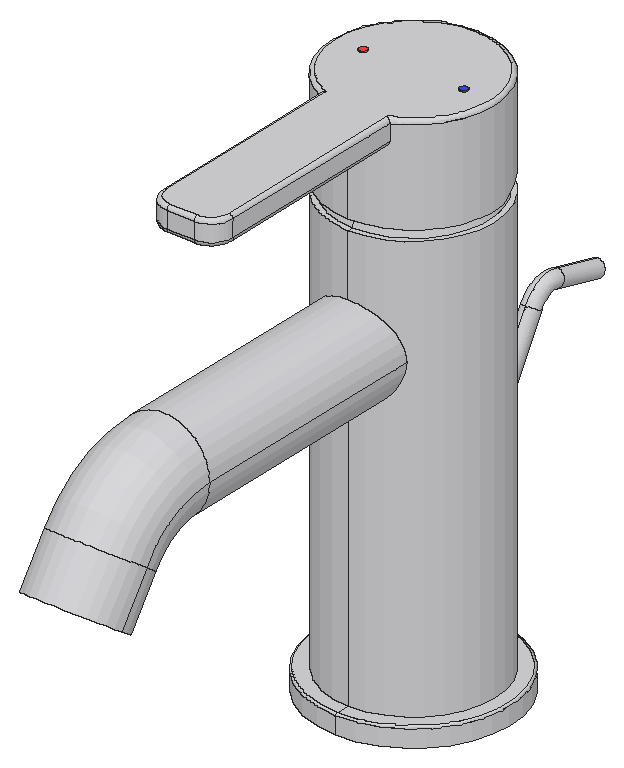
Revit family "Faucet-Lavatory-KOHLER-ATOM-K-30447T_1", category Plumbing Fixtures, host Face, Revit 2017
Family settings
  Host = Face
  Round Connector Dimension = Use Diameter
  Part Type = Normal
  OmniClass Number = 23.31.11.00
  OmniClass Title = Faucets
  Cut with Voids When Loaded = No
  Shared = No
  Room Calculation Point = No
Parameters (values of type "Mixing Faucet, CP-Polished Chrome")
  Width = 1 31/32"  # constant formula
  WaterSense Certified = 1 = 0  # no
  Waste Water Outlet = "Waste Water Outlet"  # constant formula
  Waste Connection = 1 = 0  # no
  Vent Connection = 1 = 0  # no
  URL = "https://www.kohlerasiapacific.com/"
  Type = 1
  Spout Reach = 4 75/256"  # constant formula
  Product Page URL = ""
  Product Name = "ATOM"  # constant formula
  Product Documentation Link = ""
  Pressure = 45.00 psi  # constant formula
  Model = if(Type = 1, "K-30447T-4-CP", if(Type = 2, "K-30447T-4CD-CP", "NA"))  # "K-30447T-4-CP"
  Material = "Premium Metal Construction"  # constant formula
  Master Format 2014 Name = "Residential Faucets, Supplies, and Trim"  # constant formula
  Master Format 2014 = "22 41 39"  # constant formula
  Manufacturer Address = "No. 158 Jiang Chang San Road, Zhabei District, Shanghai, China"  # constant formula
  Manufacturer = "KOHLER Co."  # constant formula
  Length = Spout Reach  # 4 75/256"
  Hot Water Inlet = "Hot Water Inlet"  # constant formula
  Hot Water Diameter = if(Type = 1, 1/2", 0")  # 1/2"
  Height = 5 161/256"  # constant formula
  Handle Clearance = 2 61/64"  # constant formula
  HW Connection = if(Type = 1, 1 = 1, 1 = 0)  # yes
  Flow Rate = 2.2 GPM  # constant formula
  Finish = Kohler-Metal-CP-Polished_Chrome
  Faucet Hole Spacing = 0"
  Environmental Product Declaration = ""
  Drain Included = if(Type = 1, 1 = 1, 1 = 0)  # yes
  Description = if(Type = 1, "Single Handle Lavatory Faucet Lever Handle, Pop Up", if(Type = 2, "Single Handle Lavatory Faucet Lever Handle, Cold Only", "NA"))  # "Single Handle Lavatory Faucet Lever Handle, Pop Up"
  Default Elevation = 36"
  Declare Label = ""
  Date Modified = "08/25/2021"  # constant formula
  Date Created = "08/25/2021"  # constant formula
  Copyright = "Copyright KOHLER Co."  # constant formula
  Contact Us = "https://www.kohlerasiapacific.com/contact-us"
  Cold Water Inlet = "Cold Water Inlet"  # constant formula
  CW Connection = 1 = 1  # yes
  Assembly Code = "D2010"
  ADA Compliant = 1 = 0  # no
  30447T_4CD = Type = 2  # no
  30447T_4 = Type = 1  # yes
Types (3): name | Type | Model | Hot Water Diameter | HW Connection | Drain Included | Description | 30447T_4CD | 30447T_4
  (no name) | 1 | "K-30447T-4-CP" | 1/2" | yes | yes | "Single Handle Lavatory Faucet Lever Handle, Pop Up" | no | yes
  Mixing Faucet, CP-Polished Chrome | 1 | "K-30447T-4-CP" | 1/2" | yes | yes | "Single Handle Lavatory Faucet Lever Handle, Pop Up" | no | yes
  Cold Only Faucet, CP-Polished Chrome | 2 | "K-30447T-4CD-CP" | 0" | no | no | "Single Handle Lavatory Faucet Lever Handle, Cold Only" | yes | no
Reference planes (in)
  plane 1 "Center (Front/Back)": y = 0
  plane 2: z = 0
  plane 3 "Center (Left/Right)": x = 0
  plane 4: x = -0.98425
  plane 5: x = 0.9845
  plane 6: y = 0.98425
  plane 7: y = -0.98425
  plane 8: x = -0.3937
  plane 9: x = 0.3937
  plane 10: y = -4.29297
  plane 11: y = -2.95313
  plane 12: z = 5.62891
  plane 13: z = 2.55906
  plane 14: y = 2.34457
Dimensions and locks (in)
  "Height": plane 12 to level
  level to plane 13 = 2.55906"
  "Length": plane 1 "Center (Front/Back)" to plane 10
  "Width": plane 4 to plane 5
  plane 7 to plane 6 = 1.9685"
  "Handle Clearance": plane 11 to plane 1 "Center (Front/Back)"
  aligned and locked: plane 2 to host face
  aligned and locked: level to host face
Automatic sketch dimensions
  host sketch curve to host sketch curve = 96"  (x2)
Nested families (in)
  nested 1: "K-30447T" at (0, 0, 0), type "K-30447T"
Connectors (in)
  piping at (0.3937, 0, 0), diameter 0.5, driven by "Flow Rate", driven by "Pressure", driven by "CW Connection", driven by "Cold Water Inlet"
    settings: on nested 1, index 1, connector inside diameter 24", connector length 0", flow factor 0, pipe flow 2.2 GPM, pressure drop 45.00 psi, fitting loss kfactor 0, connector angle 0.00°, fixture units 0, engagement length 0", angle of deflection 0.00°, flow configuration 1, flow direction 1, fitting loss method 4, system type 20, joint type 0, gender type 0, connector reference index -1, connector utility 1, adjustable connector no, is connector primary yes, connector description "Cold Water Inlet"
  piping at (-0.3937, 0, 0), diameter 0.5, driven by "Flow Rate", driven by "Pressure", driven by "HW Connection", driven by "Hot Water Inlet", driven by "Hot Water Diameter"
    settings: on nested 1, index 2, connector inside diameter 24", connector length 0", flow factor 0, pipe flow 2.2 GPM, pressure drop 45.00 psi, fitting loss kfactor 0, connector angle 0.00°, fixture units 0, engagement length 0", angle of deflection 0.00°, flow configuration 1, flow direction 1, fitting loss method 4, system type 19, joint type 0, gender type 0, connector reference index -1, connector utility 1, adjustable connector no, is connector primary no, connector description "Hot Water Inlet"
Definition of nested family "K-30447T"
  Parameters (values of type "K-30447T")
    Material = none
    Connector Dist = if([30447T_4], 0.3937", 0")  # 0.3937"
    30447T_4CD = yes
    30447T_4 = yes
  Reference planes (in)
    plane 1 "Center (Front/Back)": y = 0
    plane 2: z = 0
    plane 3 "Center (Left/Right)": x = 0
    plane 4: x = -0.98425
    plane 5: x = 0.98425
    plane 6: y = 0.98425
    plane 7: y = -0.98425
    plane 8: z = 5.62992
    plane 9: y = -4.29134
    plane 10: z = 2.55906
    plane 11: y = -2.95276
    plane 12: x = -0.3937
    plane 13: x = 0.3937
    plane 14: y = 2.34457
  Forms (in)
    Revolve 1, solid, material <- "Material", detail levels medium+fine
      sketch origin (0, 0, 0) x (0, 1, 0) y (0, 0, 1)
        loop
          line (0, 4.90945) -> (0, 0) -> (0.98425, 0) -> (0.98425, 0.17717)
          arc (0.98425, 0.17717) -> (0.97849, 0.19108) -> (0.96457, 0.19685) r 0.01969
          line (0.96457, 0.19685) -> (0.82677, 0.19685) -> (0.82677, 4.52756) -> (0.77128, 4.52756)
          arc (0.77128, 4.52756) -> (0.70532, 4.73211) -> (0.5839, 4.90945) r 0.74751
          line (0.5839, 4.90945) -> (0, 4.90945)
        axis (0, 4.90945) -> (0, 0)
      angle from 0 to 360
    Revolve 2, solid, material <- "Material", detail levels medium+fine
      sketch origin (0, 0, 0) x (0, 1, 0) y (0, 0, 1)
        loop
          line (0.7874, 5.62992) -> (0, 5.62992) -> (0, 4.63386) -> (0.82677, 4.63386) -> (0.82677, 5.59055)
          arc (0.82677, 5.59055) -> (0.81524, 5.61839) -> (0.7874, 5.62992) r 0.03937
        axis (0, 5.62992) -> (0, 4.63386)
      angle from 0 to 360
    Revolve 3, solid, material <- "Material", detail levels medium+fine
      sketch origin (0, 0, 0) x (0, 1, 0) y (0, 0, 1)
        loop
          line (0.79052, 5.25197) -> (0.87838, 5.25197)
          arc (0.87838, 5.25197) -> (0.87238, 5.32314) -> (0.85458, 5.39232) r 0.42582
          arc (0.85458, 5.39232) -> (0.84525, 5.40473) -> (0.83045, 5.40945) r 0.02556
          line (0.83045, 5.40945) -> (0.79052, 5.40945) -> (0.79052, 5.25197)
        axis (0.87838, 5.25197) -> (0.79052, 5.25197)
      angle from 0 to 360
    Extrusion 4, void
      sketch origin (0, 0, 0) x (0, 1, 0) y (0, 0, 1)
        loop
          line (0.02735, 4.60082) -> (0.88812, 4.60082) -> (0.88812, 4.91412) -> (0.02735, 4.60082)
      from -0.98425 to 0.98425
    Sweep 5, solid, material <- "Material", detail levels medium+fine
      path origin (0, 0, 0) x (1, 0, 0) y (0, 1, 0)
        loop
          line (-0.35433, -0.62858) -> (-0.35433, -2.73622)
          arc (-0.35433, -2.73622) -> (-0.29091, -2.88933) -> (-0.1378, -2.95276) r 0.21654
          line (-0.1378, -2.95276) -> (0.1378, -2.95276)
          arc (0.1378, -2.95276) -> (0.29091, -2.88933) -> (0.35433, -2.73622) r 0.21654
          line (0.35433, -2.73622) -> (0.35433, -0.62858)
      profile origin (0, -2.95276, 0) x (0, 1, 0) y (0, 0, 1)
        loop
          arc (0, 5.42126) -> (0.01153, 5.39342) -> (0.03937, 5.38189) r 0.03937
          line (0.03937, 5.38189) -> (0.07279, 5.38189) -> (0.07279, 5.62992) -> (0.03937, 5.62992)
          arc (0.03937, 5.62992) -> (0.01153, 5.61839) -> (0, 5.59055) r 0.03937
          line (0, 5.59055) -> (0, 5.42126)
    Extrusion 6, solid, material <- "Material", detail levels medium+fine
      sketch origin (0, 0, 0) x (1, 0, 0) y (0, 1, 0)
        loop
          arc (-0.28154, -2.73622) -> (-0.23944, -2.83786) -> (-0.1378, -2.87996) r 0.14374
          line (-0.1378, -2.87996) -> (0.1378, -2.87996)
          arc (0.1378, -2.87996) -> (0.23944, -2.83786) -> (0.28154, -2.73622) r 0.14374
          line (0.28154, -2.73622) -> (0.28154, -0.62858) -> (-0.28154, -0.62858) -> (-0.28154, -2.73622)
      from 5.38189 to 5.62992
    Sweep 7, solid, material <- "Material", detail levels medium+fine
      path origin (0, 0, 0) x (0, 1, 0) y (0, 0, 1)
        loop
          line (-4.29134, 2.55906) -> (-3.97874, 3.00549)
          arc (-3.97874, 3.00549) -> (-3.62697, 3.31399) -> (-3.17249, 3.4252) r 0.98425
          line (-3.17249, 3.4252) -> (-0.54293, 3.4252)
      profile origin (0, -1.85771, 3.4252) x (0, 0, -1) y (1, 0, 0)
        loop
          circle (0, 0) r 0.47244
    Revolve 8, void
      sketch origin (0, 0, 0) x (0, 1, 0) y (0, 0, 1)
        loop
          line (-4.3157, 2.52427) -> (-3.96356, 2.2777) -> (-3.83286, 2.46435) -> (-3.9226, 2.52718) -> (-4.01446, 2.42516) -> (-4.0517, 2.45124)
          arc (-4.0517, 2.45124) -> (-4.1766, 2.49384) -> (-4.29134, 2.55906) r 0.70275
          line (-4.29134, 2.55906) -> (-4.3157, 2.52427)
        axis (-4.185, 2.71092) -> (-4.3157, 2.52427)
      angle from 0 to 360
    Extrusion 9, void
      sketch origin (0, 0, 0) x (0, 1, 0) y (0, 0, 1)
        loop
          line (-4.26212, 2.50982) -> (-4.22042, 2.56937) -> (-4.3059, 2.62923) -> (-4.3476, 2.56968) -> (-4.26212, 2.50982)
      from -0.33273 to 0.33353
    Sweep 10, solid, material <- "Material", visible <- "30447T_4"
      path origin (0, 0, 0) x (0, 1, 0) y (0, 0, 1)
        loop
          line (2.32266, 2.80004) -> (1.80722, 2.93815)
          arc (1.80722, 2.93815) -> (1.63043, 2.92656) -> (1.49722, 2.80975) r 0.27559
          line (1.49722, 2.80975) -> (0.51228, 1.10377)
      profile origin (0, 2.06494, 2.8691) x (0, -0.258819, -0.965926) y (1, 0, 0)
        loop
          circle (0, 0) r 0.08465
    Extrusion 11, solid, visible <- "30447T_4"
      sketch origin (0, 0, 0) x (1, 0, 0) y (0, 1, 0)
        loop
          circle (-0.51181, 0) r 0.03937
      from 5.61811 to 5.63386
    Extrusion 12, solid, visible <- "30447T_4"
      sketch origin (0, 0, 0) x (-1, 0, 0) y (0, -1, 0)
        loop
          circle (-0.51181, 0) r 0.03937
      from 5.61811 to 5.63386
    Extrusion 13, solid, material <- "Material", visible <- "30447T_4", detail levels medium+fine
      sketch origin (0, 0, 0) x (1, 0, 0) y (0, 1, 0)
        loop
          circle (-0.3937, 0) r 0.25
      from 0 to 0.03937
    Extrusion 14, solid, material <- "Material"
      sketch origin (0, 0, 0) x (1, 0, 0) y (0, 1, 0)
        loop
          circle (0.3937, 0) r 0.25
      from 0 to 0.03937
    Revolve 15, solid, material <- "Material", detail levels coarse
      sketch origin (0, 0, 0) x (0, 1, 0) y (0, 0, 1)
        loop
          line (0.82677, 4.52756) -> (0.70976, 4.52756) -> (0.70976, 4.63386) -> (0.82973, 4.63386) -> (0.82973, 5.62992) -> (0, 5.62992) -> (0, 0) -> (0.98425, 0) -> (0.98425, 0.19685) -> (0.82677, 0.19685) -> (0.82677, 4.52756)
        axis (0, 5.62992) -> (0, 0)
      angle from 0 to 360
    Extrusion 16, solid, material <- "Material", detail levels coarse
      sketch origin (0, 0, 0) x (1, 0, 0) y (0, 1, 0)
        loop
          line (-0.35479, -0.54992) -> (-0.35479, -2.73622)
          arc (-0.35479, -2.73622) -> (-0.29137, -2.88933) -> (-0.13826, -2.95276) r 0.21654
          line (-0.13826, -2.95276) -> (0.13826, -2.95276)
          arc (0.13826, -2.95276) -> (0.29137, -2.88933) -> (0.35479, -2.73622) r 0.21654
          line (0.35479, -2.73622) -> (0.35479, -0.54992) -> (-0.35479, -0.54992)
      from 5.38189 to 5.62992
    Sweep 17, solid, material <- "Material", detail levels coarse
      path origin (0, 0, 0) x (0, 1, 0) y (0, 0, 1)
        loop
          line (-4.29134, 2.55906) -> (-3.97874, 3.00549)
          arc (-3.97874, 3.00549) -> (-3.62697, 3.31399) -> (-3.17249, 3.4252) r 0.98425
          line (-3.17249, 3.4252) -> (-0.54293, 3.4252)
      profile origin (0, -1.85771, 3.4252) x (0, 0, -1) y (1, 0, 0)
        loop
          circle (0, 0) r 0.47244
  Cuts and joins
    Extrusion 4 cuts Revolve 2
    Revolve 8, Extrusion 9 cuts Sweep 7
    joined: Revolve 1, Revolve 2, Revolve 3, Sweep 5, Extrusion 6, Sweep 7
    joined: Revolve 15, Extrusion 16, Sweep 17
  Lines and regions (in)
    Masking region 1
      outline origin (0, 0, 0) x (0, 1, 0) y (0, 0, 1)
        loop
          line (0.78923, 5.62991) -> (-2.91339, 5.62991)
          arc (-2.91339, 5.62991) -> (-2.94122, 5.61838) -> (-2.95275, 5.59055) r 0.03937
          line (-2.95275, 5.59055) -> (-2.95275, 5.42126)
          arc (-2.95275, 5.42126) -> (-2.94122, 5.39342) -> (-2.91338, 5.38189) r 0.03937
          line (-2.91338, 5.38189) -> (-0.82677, 5.38189) -> (-0.82677, 4.63386) -> (-0.74516, 4.63386)
          arc (-0.74516, 4.63386) -> (-0.76017, 4.58119) -> (-0.77128, 4.52756) r 0.74751
          line (-0.77128, 4.52756) -> (-0.82677, 4.52756) -> (-0.82677, 3.89764) -> (-3.17249, 3.89764)
          arc (-3.17249, 3.89764) -> (-3.84512, 3.73305) -> (-4.36574, 3.27647) r 1.45669
          line (-4.36574, 3.27647) -> (-4.67834, 2.83004) -> (-3.90434, 2.28807) -> (-3.59174, 2.73451)
          arc (-3.59174, 2.73451) -> (-3.40882, 2.89493) -> (-3.17249, 2.95276) r 0.51181
          line (-3.17249, 2.95276) -> (-0.82677, 2.95276) -> (-0.82677, 0.19685) -> (-0.96457, 0.19685)
          arc (-0.96457, 0.19685) -> (-0.97849, 0.19108) -> (-0.98425, 0.17717) r 0.01969
          line (-0.98425, 0.17717) -> (-0.98425, 0) -> (0.98425, 0) -> (0.98425, 0.17717)
          arc (0.98425, 0.17717) -> (0.97849, 0.19108) -> (0.96457, 0.19685) r 0.01969
          line (0.96457, 0.19685) -> (0.82677, 0.19685) -> (0.82677, 4.52756) -> (0.77128, 4.52756)
          arc (0.77128, 4.52756) -> (0.72688, 4.68395) -> (0.64973, 4.82705) r 0.74751
          line (0.64973, 4.82705) -> (0.82973, 4.89246) -> (0.82973, 5.09411)
          arc (0.82973, 5.09411) -> (0.84478, 5.09892) -> (0.85426, 5.11156) r 0.02597
          arc (0.85426, 5.11156) -> (0.8781, 5.25194) -> (0.85431, 5.39233) r 0.4257
          arc (0.85431, 5.39233) -> (0.8443, 5.40514) -> (0.82858, 5.40928) r 0.02542
          line (0.82858, 5.40928) -> (0.82858, 5.59056)
          arc (0.82858, 5.59056) -> (0.81705, 5.61839) -> (0.78923, 5.62991) r 0.03935
    Masking region 2, visible <- "30447T_4"
      outline origin (0, 0, 0) x (0, 1, 0) y (0, 0, 1)
        loop
          line (2.34457, 2.8818) -> (1.82475, 3.02109)
          arc (1.82475, 3.02109) -> (1.59745, 3.00619) -> (1.42618, 2.85599) r 0.35433
          line (1.42618, 2.85599) -> (0.82677, 1.81778) -> (0.82677, 1.4792) -> (1.56826, 2.7635)
          arc (1.56826, 2.7635) -> (1.66341, 2.84694) -> (1.78969, 2.85522) r 0.19685
          line (1.78969, 2.85522) -> (2.30075, 2.71828) -> (2.34457, 2.8818)
    Masking region 3
      outline origin (0, 0, 0) x (1, 0, 0) y (0, 1, 0)
        loop
          arc (0.47244, -0.86345) -> (0, 0.98425) -> (-0.47244, -0.86345) r 0.98425
          line (-0.47244, -0.86345) -> (-0.47244, -4.29134)
          spline (-0.47244, -4.29134) -> (-0.45634, -4.3915) -> (-0.40915, -4.48484) -> (-0.33407, -4.56499) -> (-0.23622, -4.62649) -> (-0.12228, -4.66515) -> (0, -4.67834) -> (0.12228, -4.66515) -> (0.23622, -4.62649) -> (0.33407, -4.56499) -> (0.40915, -4.48484) -> (0.45634, -4.3915) -> (0.47244, -4.29134)
          line (0.47244, -4.29134) -> (0.47244, -0.86345)
    Masking region 4, visible <- "30447T_4"
      outline origin (0, 0, 0) x (1, 0, 0) y (0, 1, 0)
        loop
          line (-0.08465, 2.32266) -> (-0.08465, 0.87009)
          arc (-0.08465, 0.87009) -> (0, 0.87858) -> (0.08465, 0.87009) r 0.42582
          line (0.08465, 0.87009) -> (0.08465, 2.32266)
          spline (0.08465, 2.32266) -> (0.08176, 2.32833) -> (0.07331, 2.33362) -> (0.05985, 2.33815) -> (0.04232, 2.34163) -> (0.02191, 2.34382) -> (0, 2.34457) -> (-0.02191, 2.34382) -> (-0.04232, 2.34163) -> (-0.05985, 2.33815) -> (-0.07331, 2.33362) -> (-0.08176, 2.32833) -> (-0.08465, 2.32266)
    Masking region 5
      outline origin (0, 0, 0) x (1, 0, 0) y (0, 0, 1)
        loop
          arc (-0.7874, 5.62991) -> (-0.81524, 5.61838) -> (-0.82677, 5.59054) r 0.03937
          line (-0.82677, 5.59054) -> (-0.82677, 4.63386) -> (-0.74516, 4.63386)
          arc (-0.74516, 4.63386) -> (-0.76017, 4.58119) -> (-0.77128, 4.52756) r 0.74751
          line (-0.77128, 4.52756) -> (-0.82677, 4.52756) -> (-0.82677, 0.19685) -> (-0.96457, 0.19685)
          arc (-0.96457, 0.19685) -> (-0.97849, 0.19108) -> (-0.98425, 0.17717) r 0.01969
          line (-0.98425, 0.17717) -> (-0.98425, 0) -> (0.98425, 0) -> (0.98425, 0.17717)
          arc (0.98425, 0.17717) -> (0.97849, 0.19108) -> (0.96457, 0.19685) r 0.01969
          line (0.96457, 0.19685) -> (0.82677, 0.19685) -> (0.82677, 4.52756) -> (0.77128, 4.52756)
          arc (0.77128, 4.52756) -> (0.76017, 4.58119) -> (0.74516, 4.63386) r 0.74751
          line (0.74516, 4.63386) -> (0.82677, 4.63386) -> (0.82677, 5.59054)
          arc (0.82677, 5.59054) -> (0.81524, 5.61838) -> (0.7874, 5.62991) r 0.03937
          line (0.7874, 5.62991) -> (-0.7874, 5.62991)
    symbolic lines, detail levels medium+fine
      curve 1: line (0, 0.11811, 4.63386) -> (0, -0.74516, 4.63386)
      curve 2: line (0, 0.11811, 4.63386) -> (0, 0.64973, 4.82705)
      curve 3: line (0, 0.82973, 5.09411) -> (0, 0.82858, 5.40928)
      curve 4: spline (0, -0.76443, 5.38207) -> (0, -0.76232, 5.38217) -> (0, -0.76024, 5.38292) -> (0, -0.75821, 5.38431) -> (0, -0.75627, 5.38632) -> (0, -0.75444, 5.38891) -> (0, -0.75276, 5.39204) -> (0, -0.75125, 5.39567) -> (0, -0.74994, 5.39974) -> (0, -0.74884, 5.40418) -> (0, -0.74797, 5.40892) -> (0, -0.74736, 5.4139) -> (0, -0.74699, 5.41902)
      curve 5: line (0, -0.74699, 5.59378) -> (0, -0.74699, 5.41902)
      curve 6: spline (0, -0.72168, 5.62955) -> (0, -0.72466, 5.62969) -> (0, -0.72763, 5.62916) -> (0, -0.73052, 5.62797) -> (0, -0.7333, 5.62615) -> (0, -0.73592, 5.62373) -> (0, -0.73834, 5.62073) -> (0, -0.74054, 5.6172) -> (0, -0.74247, 5.6132) -> (0, -0.7441, 5.60879) -> (0, -0.74541, 5.60403) -> (0, -0.74638, 5.59901) -> (0, -0.74699, 5.59378)
      curve 7: line (0, -0.76443, 5.38207) -> (0, -0.82677, 5.38189)
      curve 8: line (0, 0.77128, 4.52756) -> (0, -0.77128, 4.52756)
      curve 9: arc (0, -0.82677, 3.89764) -> (0, -0.67849, 3.4252) -> (0, -0.82677, 2.95276) r 0.82677
      curve 10: line (0, -3.59174, 2.73451) -> (0, -4.36574, 3.27647)
      curve 11: line (0, 0.82677, 0.19685) -> (0, -0.82677, 0.19685)
      curve 12: arc (0.35479, -0.74677, 0) -> (0, 0.82677, 0) -> (-0.35479, -0.74677, 0) r 0.82677
      curve 13: line (-0.35479, -0.74677, 0) -> (-0.35479, -2.73622, 0)
      curve 14: line (-0.13826, -2.95276, 0) -> (0.13826, -2.95276, 0)
      curve 15: line (0.35479, -0.74677, 0) -> (0.35479, -2.73622, 0)
      curve 16: arc (-0.35479, -2.73622, 0) -> (-0.29137, -2.88933, 0) -> (-0.13826, -2.95276, 0) r 0.21654
      curve 17: arc (0.13826, -2.95276, 0) -> (0.29137, -2.88933, 0) -> (0.35479, -2.73622, 0) r 0.21654
      curve 18: line (-0.47244, -3.97915, 0) -> (0.47244, -3.97915, 0)
      curve 19: line (-0.47244, -0.86345, 0) -> (-0.47244, -0.67849, 0)
      curve 20: line (0.47244, -0.86345, 0) -> (0.47244, -0.67849, 0)
      curve 21: line (0.15748, 0.83066, 0) -> (0.15748, 0.81163, 0)
      curve 22: arc (0.14035, 0.85479, 0) -> (0, 0.87858, 0) -> (-0.14035, 0.85479, 0) r 0.42582
      curve 23: arc (0.15748, 0.83066, 0) -> (0.15276, 0.84546, 0) -> (0.14035, 0.85479, 0) r 0.02556
      curve 24: line (-0.15748, 0.83066, 0) -> (-0.15748, 0.81163, 0)
      curve 25: arc (-0.15748, 0.83066, 0) -> (-0.15276, 0.84546, 0) -> (-0.14035, 0.85479, 0) r 0.02556
      curve 28: line (-0.31496, 0, 5.38189) -> (0.31496, 0, 5.38189)
      curve 29: line (-0.35433, 0, 5.59055) -> (-0.35433, 0, 5.42126)
      curve 30: line (0.35433, 0, 5.42126) -> (0.35433, 0, 5.59055)
      curve 31: arc (-0.35433, 0, 5.59055) -> (-0.3428, 0, 5.61839) -> (-0.31496, 0, 5.62992) r 0.03937
      curve 32: arc (-0.31496, 0, 5.38189) -> (-0.3428, 0, 5.39342) -> (-0.35433, 0, 5.42126) r 0.03937
      curve 33: arc (0.31496, 0, 5.38189) -> (0.3428, 0, 5.39342) -> (0.35433, 0, 5.42126) r 0.03937
      curve 34: arc (0.35433, 0, 5.59055) -> (0.3428, 0, 5.61839) -> (0.31496, 0, 5.62992) r 0.03937
      curve 35: line (-0.74516, 0, 4.63386) -> (0.74516, 0, 4.63386)
      curve 36: line (0.77128, 0, 4.52756) -> (-0.77128, 0, 4.52756)
      curve 37: line (-0.82677, 0, 0.19685) -> (0.82677, 0, 0.19685)
      curve 38: spline (0.47244, 0, 2.55906) -> (0.45634, 0, 2.62919) -> (0.40915, 0, 2.69455) -> (0.33407, 0, 2.75067) -> (0.23622, 0, 2.79373) -> (0.12228, 0, 2.8208) -> (0, 0, 2.83004) -> (-0.12228, 0, 2.8208) -> (-0.23622, 0, 2.79373) -> (-0.33407, 0, 2.75067) -> (-0.40915, 0, 2.69455) -> (-0.45634, 0, 2.62919) -> (-0.47244, 0, 2.55906)
      curve 39: spline (0, 0, 2.31248) -> (-0.11126, 0, 2.32088) -> (-0.21494, 0, 2.34552) -> (-0.30397, 0, 2.3847) -> (-0.37229, 0, 2.43577) -> (-0.41524, 0, 2.49524) -> (-0.42988, 0, 2.55906) -> (-0.41524, 0, 2.62287) -> (-0.37229, 0, 2.68234) -> (-0.30397, 0, 2.73341) -> (-0.21494, 0, 2.77259) -> (-0.11126, 0, 2.79723) -> (0, 0, 2.80563)
      curve 40: spline (-0.30361, 0, 2.5993) -> (-0.29326, 0, 2.64437) -> (-0.26293, 0, 2.68637) -> (-0.21468, 0, 2.72244) -> (-0.1518, 0, 2.75011) -> (-0.07858, 0, 2.76751) -> (0, 0, 2.77344) -> (0.07858, 0, 2.76751) -> (0.1518, 0, 2.75011) -> (0.21468, 0, 2.72244) -> (0.26293, 0, 2.68637) -> (0.29326, 0, 2.64437) -> (0.30361, 0, 2.5993) -> (0.29326, 0, 2.55423) -> (0.26293, 0, 2.51223) -> (0.21468, 0, 2.47616) -> (0.1518, 0, 2.44849) -> (0.07858, 0, 2.43109) -> (0, 0, 2.42516) -> (-0.07858, 0, 2.43109) -> (-0.1518, 0, 2.44849) -> (-0.21468, 0, 2.47616) -> (-0.26293, 0, 2.51223) -> (-0.29326, 0, 2.55423) -> (-0.30361, 0, 2.5993)
      curve 41: spline (0.25281, 0, 2.56937) -> (0.23449, 0, 2.53739) -> (0.20404, 0, 2.5086) -> (0.16305, 0, 2.48451) -> (0.11362, 0, 2.46635) -> (0.05832, 0, 2.45506) -> (0, 0, 2.45124) -> (-0.05832, 0, 2.45506) -> (-0.11362, 0, 2.46635) -> (-0.16305, 0, 2.48451) -> (-0.20404, 0, 2.5086) -> (-0.23449, 0, 2.53739) -> (-0.25281, 0, 2.56937)
      curve 42: spline (-0.25281, 0, 2.62923) -> (-0.21216, 0, 2.61751) -> (-0.1707, 0, 2.60786) -> (-0.12859, 0, 2.60032) -> (-0.086, 0, 2.59491) -> (-0.04308, 0, 2.59166) -> (0, 0, 2.59057) -> (0.04308, 0, 2.59166) -> (0.086, 0, 2.59491) -> (0.12859, 0, 2.60032) -> (0.1707, 0, 2.60786) -> (0.21216, 0, 2.61751) -> (0.25281, 0, 2.62923)
      curve 43: spline (0.25281, 0, 2.56937) -> (0.21216, 0, 2.55765) -> (0.1707, 0, 2.54801) -> (0.12859, 0, 2.54046) -> (0.086, 0, 2.53506) -> (0.04308, 0, 2.5318) -> (0, 0, 2.53072) -> (-0.04308, 0, 2.5318) -> (-0.086, 0, 2.53506) -> (-0.12859, 0, 2.54046) -> (-0.1707, 0, 2.54801) -> (-0.21216, 0, 2.55765) -> (-0.25281, 0, 2.56937)
      curve 44: spline (-0.25281, 0, 2.62923) -> (-0.23449, 0, 2.66121) -> (-0.20404, 0, 2.69) -> (-0.16305, 0, 2.71409) -> (-0.11362, 0, 2.73225) -> (-0.05832, 0, 2.74354) -> (0, 0, 2.74736) -> (0.05832, 0, 2.74354) -> (0.11362, 0, 2.73225) -> (0.16305, 0, 2.71409) -> (0.20404, 0, 2.69) -> (0.23449, 0, 2.66121) -> (0.25281, 0, 2.62923)
      curve 45: spline (-0.47244, 0, 2.55906) -> (-0.45634, 0, 2.48892) -> (-0.40915, 0, 2.42356) -> (-0.33407, 0, 2.36744) -> (-0.23622, 0, 2.32438) -> (-0.12228, 0, 2.29731) -> (0, 0, 2.28807) -> (0.12228, 0, 2.29731) -> (0.23622, 0, 2.32438) -> (0.33407, 0, 2.36744) -> (0.40915, 0, 2.42356) -> (0.45634, 0, 2.48892) -> (0.47244, 0, 2.55906)
      curve 46: spline (0, 0, 2.80563) -> (0.11126, 0, 2.79723) -> (0.21494, 0, 2.77259) -> (0.30397, 0, 2.73341) -> (0.37229, 0, 2.68234) -> (0.41524, 0, 2.62287) -> (0.42988, 0, 2.55906) -> (0.41524, 0, 2.49524) -> (0.37229, 0, 2.43577) -> (0.30397, 0, 2.3847) -> (0.21494, 0, 2.34552) -> (0.11126, 0, 2.32088) -> (0, 0, 2.31248)
      curve 47: line (-0.25281, 0, 2.56937) -> (0.25281, 0, 2.56937)
      curve 48: spline (-0.26905, 0, 2.51861) -> (-0.28497, 0, 2.52631) -> (-0.30023, 0, 2.53444) -> (-0.31478, 0, 2.54299) -> (-0.32859, 0, 2.55194) -> (-0.34164, 0, 2.56125) -> (-0.35387, 0, 2.57092) -> (-0.36528, 0, 2.58092) -> (-0.37583, 0, 2.59122) -> (-0.3855, 0, 2.6018) -> (-0.39426, 0, 2.61264) -> (-0.4021, 0, 2.62371) -> (-0.40899, 0, 2.63499)
      curve 49: spline (0.26905, 0, 2.51861) -> (0.28497, 0, 2.52631) -> (0.30023, 0, 2.53444) -> (0.31478, 0, 2.54299) -> (0.32859, 0, 2.55194) -> (0.34164, 0, 2.56125) -> (0.35387, 0, 2.57092) -> (0.36528, 0, 2.58092) -> (0.37583, 0, 2.59122) -> (0.3855, 0, 2.6018) -> (0.39426, 0, 2.61264) -> (0.4021, 0, 2.62371) -> (0.40899, 0, 2.63499)
      curve 50: spline (-0.31922, 0, 2.69557) -> (-0.31954, 0, 2.69793) -> (-0.3198, 0, 2.7003) -> (-0.32002, 0, 2.70267) -> (-0.32017, 0, 2.70504) -> (-0.32028, 0, 2.70741) -> (-0.32033, 0, 2.70978) -> (-0.32033, 0, 2.71216) -> (-0.32028, 0, 2.71453) -> (-0.32017, 0, 2.7169) -> (-0.32001, 0, 2.71927) -> (-0.31979, 0, 2.72164) -> (-0.31952, 0, 2.72401)
      curve 51: line (-0.31922, 0, 2.69557) -> (-0.30361, 0, 2.5993)
      curve 52: spline (0.31922, 0, 2.69557) -> (0.31954, 0, 2.69793) -> (0.3198, 0, 2.7003) -> (0.32002, 0, 2.70267) -> (0.32017, 0, 2.70504) -> (0.32028, 0, 2.70741) -> (0.32033, 0, 2.70978) -> (0.32033, 0, 2.71216) -> (0.32028, 0, 2.71453) -> (0.32017, 0, 2.7169) -> (0.32001, 0, 2.71927) -> (0.31979, 0, 2.72164) -> (0.31952, 0, 2.72401)
      curve 53: line (0.31922, 0, 2.69557) -> (0.30361, 0, 2.5993)
      curve 54: arc (0.47244, 0, 3.4252) -> (0, 0, 3.89764) -> (-0.47244, 0, 3.4252) r 0.47244
      curve 55: line (-0.47244, 0, 3.4252) -> (-0.47244, 0, 2.55906)
      curve 56: line (0.47244, 0, 3.4252) -> (0.47244, 0, 2.55906)
      curve 57: spline (0.47244, 0, 3.00504) -> (0.45634, 0, 3.07518) -> (0.40915, 0, 3.14053) -> (0.33407, 0, 3.19666) -> (0.23622, 0, 3.23972) -> (0.12228, 0, 3.26679) -> (0, 0, 3.27603) -> (-0.12228, 0, 3.26679) -> (-0.23622, 0, 3.23972) -> (-0.33407, 0, 3.19666) -> (-0.40915, 0, 3.14053) -> (-0.45634, 0, 3.07518) -> (-0.47244, 0, 3.00504)
    symbolic lines, visible <- "30447T_4", detail levels medium+fine
      curve 26: circle (-0.51181, 0, 0) r 0.03937 normal (0, 0, 1)
      curve 27: circle (0.51181, 0, 0) r 0.03937 normal (0, 0, 1)
  Dimensions and locks (in)
    locked: plane 4 to plane 5 at 1.9685
    locked: plane 8 to level at 5.62992
    locked: plane 1 "Center (Front/Back)" to plane 9 at 4.29134
    locked: plane 10 to level at 2.55906
    "Connector Dist": Extrusion 13 sketch curve to plane 3 "Center (Left/Right)"
    "Connector Dist": plane 3 "Center (Left/Right)" to Extrusion 14 sketch curve
    aligned and locked: plane 2 to level
    aligned and locked: Sweep 5 to Extrusion 6
    aligned and locked: Extrusion 6 to Sweep 5
  Automatic sketch dimensions
    Revolve 2 sketch curve to plane 1 "Center (Front/Back)" = 0"  (x2)
    Revolve 2 sketch curve to plane 8 = 0"
    Revolve 2 sketch curve to plane 6 = 0.19685"
    Revolve 2 sketch curve to Revolve 2 sketch curve = 0.03937"
    Revolve 2 sketch curve to Revolve 2 sketch curve = 0.95669"
    Revolve 2 sketch curve to Revolve 2 sketch curve = 0.35658"
    Revolve 2 sketch curve to Revolve 2 sketch curve = 0.21595"
    Revolve 3 sketch curve to plane 1 "Center (Front/Back)" = 0.45256"
    Revolve 3 sketch curve to plane 6 = 0.19373"
    Revolve 3 sketch curve to Revolve 3 sketch curve = 0.03993"
    Revolve 3 sketch curve to Revolve 3 sketch curve = 0.08785"
    Revolve 3 sketch curve to plane 8 = 0.37795"
    Revolve 3 sketch curve to Revolve 3 sketch curve = 0.13192"
    Revolve 3 sketch curve to Revolve 3 sketch curve = 0.02556"
    Revolve 3 sketch curve to Revolve 3 sketch curve = 0.07396"
    Revolve 3 sketch curve to Revolve 3 sketch curve = 0.05165"
    Revolve 3 sketch curve to Revolve 3 sketch curve = 0"
    Extrusion 4 sketch curve to plane 1 "Center (Front/Back)" = 7/256"
    Extrusion 4 sketch curve to plane 6 = 0.09614"
    Extrusion 4 sketch curve to plane 8 = 1.0291"
    Extrusion 4 sketch curve to Extrusion 4 sketch curve = 0.31329"
    plane 11 to Sweep 5 sketch curve = 0"
    Sweep 5 sketch curve to plane 11 = 0.21654"  (x2)
    Sweep 5 sketch curve to plane 3 "Center (Left/Right)" = 0.35433"
    plane 3 "Center (Left/Right)" to Sweep 5 sketch curve = 0.1378"
    Sweep 5 sketch curve to plane 7 = 0.35567"  (x2)
    Extrusion 6 sketch curve to plane 11 = 0.21654"
    Extrusion 6 sketch curve to plane 3 "Center (Left/Right)" = 0.28154"
    Extrusion 6 sketch curve to plane 3 "Center (Left/Right)" = 0.1378"
    plane 3 "Center (Left/Right)" to Extrusion 6 sketch curve = 0.1378"
    Extrusion 6 sketch curve to Extrusion 6 sketch curve = 0.14374"
    Extrusion 6 sketch curve to plane 7 = 0.35567"
    Sweep 7 sketch curve to plane 9 = 0"
    Sweep 7 sketch curve to plane 10 = 0"
    Sweep 7 sketch curve to plane 9 = 0.3126"
    plane 11 to Sweep 7 sketch curve = 0.21973"
    Sweep 7 sketch curve to plane 10 = 0.11811"
    plane 10 to Sweep 7 sketch curve = 0.44643"
    Sweep 7 sketch curve to plane 7 = 0.44132"
    Sweep 7 sketch curve to plane 3 "Center (Left/Right)" = 0"
    Sweep 7 sketch curve to profile plane = 0"
    Revolve 8 sketch curve to plane 9 = 0"  (x2)
    Revolve 8 sketch curve to plane 10 = 0"  (x2)
    plane 9 to Revolve 8 sketch curve = 0.02436"
    Revolve 8 sketch curve to plane 10 = 0.10782"
    Revolve 8 sketch curve to plane 9 = 0.23964"
    Revolve 8 sketch curve to plane 10 = 0.1339"
    Revolve 8 sketch curve to Revolve 8 sketch curve = 0.03724"
    Revolve 8 sketch curve to Revolve 8 sketch curve = 0.0509"
    Revolve 8 sketch curve to plane 10 = 0.03188"
    Revolve 8 sketch curve to Revolve 8 sketch curve = 0.09186"
    Revolve 8 sketch curve to plane 9 = 0.40308"
    Revolve 8 sketch curve to plane 10 = 0.09471"
    plane 9 to Revolve 8 sketch curve = 0.08603"
    Revolve 8 sketch curve to Revolve 8 sketch curve = 0.08808"
    plane 10 to Extrusion 9 sketch curve = 0.01062"
    plane 9 to Extrusion 9 sketch curve = 0.05626"
    plane 9 to Extrusion 9 sketch curve = 0.01456"
    Extrusion 9 sketch curve to plane 9 = 0.02922"
    plane 10 to Extrusion 9 sketch curve = 0.01032"
    plane 1 "Center (Front/Back)" to Extrusion 11 sketch curve = 0"
    plane 4 to Extrusion 11 sketch curve = 0.47244"
    plane 1 "Center (Front/Back)" to Extrusion 12 sketch curve = 0"
    Extrusion 12 sketch curve to plane 5 = 0.47244"
    plane 1 "Center (Front/Back)" to Extrusion 13 sketch curve = 0"
    plane 1 "Center (Front/Back)" to Extrusion 14 sketch curve = 0"
    plane 9 to Masking region 3 sketch curve = 0"
    plane 1 "Center (Front/Back)" to Masking region 3 sketch curve = 0"
    Masking region 3 sketch curve to plane 3 "Center (Left/Right)" = 0"  (x2)
    Masking region 3 sketch curve to plane 12 = 0.07874"
    Masking region 3 sketch curve to plane 7 = 0.1208"
    Masking region 2 sketch curve to plane 6 = 0.15748"
    plane 6 to Masking region 2 sketch curve = 0.44193"
    plane 10 to Masking region 2 sketch curve = 0.20444"
    Masking region 2 sketch curve to Masking region 2 sketch curve = 0.14208"
    Masking region 2 sketch curve to Masking region 2 sketch curve = 0.16478"
    Masking region 2 sketch curve to Masking region 2 sketch curve = 0.0057"
    plane 10 to Masking region 2 sketch curve = 0.29616"
    Masking region 2 sketch curve to Masking region 2 sketch curve = 0.05665"
    plane 10 to Masking region 2 sketch curve = 0.46203"
    Masking region 2 sketch curve to Masking region 2 sketch curve = 0.03506"
    plane 10 to Masking region 2 sketch curve = 0.15922"
    Masking region 2 sketch curve to Masking region 2 sketch curve = 0.51106"
    Masking region 2 sketch curve to plane 10 = 0.74127"
    Masking region 2 sketch curve to Masking region 2 sketch curve = 0.33858"
    Masking region 2 sketch curve to Masking region 2 sketch curve = 0.01375"
    plane 11 to curve 16 = 0"
    plane 1 "Center (Front/Back)" to curve 12 = 0"
    curve 12 to plane 3 "Center (Left/Right)" = 0"
    curve 22 to plane 3 "Center (Left/Right)" = 0"
    curve 25 to plane 3 "Center (Left/Right)" = 0.13192"
    curve 16 to plane 3 "Center (Left/Right)" = 0.13826"
    curve 24 to curve 25 = 0.02556"
    plane 12 to curve 13 = 0.03891"
    plane 3 "Center (Left/Right)" to curve 23 = 0.13192"
    plane 3 "Center (Left/Right)" to curve 14 = 0.13826"
    curve 23 to curve 21 = 0.02556"
    plane 13 to curve 15 = 0.03891"
    curve 22 to curve 24 = 0.35887"
    curve 24 to curve 25 = 0.01903"
    curve 21 to curve 23 = 0.01903"
    curve 22 to curve 25 = 0"
    curve 18 to plane 12 = 0.07874"
    curve 19 to plane 12 = 0.07874"
    curve 20 to plane 13 = 0.07874"
    curve 18 to plane 13 = 0.07874"
    curve 18 to plane 9 = 0.31219"
    curve 20 to plane 7 = 0.1208"
    curve 19 to plane 7 = 0.1208"
    curve 12 to curve 20 = 0.06828"
    Masking region 4 sketch curve to plane 3 "Center (Left/Right)" = 0"  (x2)
    Masking region 4 sketch curve to Masking region 4 sketch curve = 0.08465"
    plane 6 to Masking region 4 sketch curve = 1.33841"
    Masking region 4 sketch curve to plane 6 = 0.11417"
    Masking region 4 sketch curve to Masking region 4 sketch curve = 0.41732"
    plane 7 to curve 9 = 0.52101"
    curve 7 to plane 7 = 0.21983"
    curve 7 to curve 5 = 0.01743"
    curve 2 to plane 1 "Center (Front/Back)" = 0.11811"
    plane 10 to curve 9 = 0.86614"
    curve 2 to plane 8 = 0.99606"
    curve 7 to plane 8 = 0.24785"
    curve 7 to curve 5 = 0.03695"
    curve 5 to plane 8 = 0.03614"
    plane 10 to curve 10 = 0.17545"
    plane 11 to curve 10 = 0.63899"
    plane 9 to curve 10 = 0.0744"
    curve 11 to plane 7 = 0.15748"
    curve 9 to plane 7 = 0.15748"  (x2)
    curve 7 to curve 4 = 0.06235"
    curve 8 to plane 7 = 0.21298"
    curve 7 to curve 4 = 0.00072"
    curve 4 to curve 5 = 0.0167"
    curve 8 to curve 1 = 0.02612"
    curve 6 to plane 8 = 0.00021"
    curve 5 to curve 6 = 0.02289"
    curve 5 to curve 6 = 0.02395"
    curve 6 to plane 8 = 0.00037"
    curve 2 to plane 6 = 0.33453"
    curve 8 to plane 6 = 0.21298"
    curve 11 to plane 6 = 0.15748"
    curve 3 to plane 6 = 0.15567"
    curve 3 to plane 6 = 0.15452"
    plane 10 to curve 10 = 0.71741"
    plane 10 to curve 9 = 0.3937"
    level to curve 11 = 0.19685"
    curve 8 to curve 1 = 0.1063"
    curve 8 to curve 2 = 0.29949"
    curve 2 to curve 3 = 0.26706"
    curve 7 to curve 4 = 0.00018"
    curve 3 to plane 8 = 0.22064"
    curve 55 to plane 10 = 0"
    curve 39 to plane 10 = 0"
    curve 31 to plane 8 = 0"
    curve 42 to plane 3 "Center (Left/Right)" = 0"
    curve 52 to plane 3 "Center (Left/Right)" = 0"
    curve 41 to plane 3 "Center (Left/Right)" = 0"
    curve 40 to plane 3 "Center (Left/Right)" = 0"
    curve 38 to plane 3 "Center (Left/Right)" = 0"
    curve 50 to plane 3 "Center (Left/Right)" = 0"
    curve 49 to plane 3 "Center (Left/Right)" = 0"
    curve 44 to plane 3 "Center (Left/Right)" = 0"
    curve 39 to plane 3 "Center (Left/Right)" = 0"
    curve 48 to plane 3 "Center (Left/Right)" = 0"
    curve 34 to plane 8 = 0"
    plane 10 to curve 47 = 0.01032"
    plane 12 to curve 47 = 0.14089"
    plane 12 to curve 32 = 0.07874"
    curve 31 to plane 8 = 0.03937"
    plane 12 to curve 31 = 0.07874"
    plane 12 to curve 51 = 0.07448"
    curve 55 to plane 12 = 0.07874"
    curve 34 to plane 8 = 0.03937"
    plane 13 to curve 34 = 0.07874"
    curve 33 to curve 33 = 0.03937"
    plane 13 to curve 53 = 0.07448"
    plane 10 to curve 53 = 0.13651"
    plane 10 to curve 51 = 0.13651"
    curve 50 to curve 55 = 0.72963"
    curve 28 to curve 34 = 0.20866"
    curve 44 to curve 47 = 0"
    curve 41 to curve 47 = 0.00533"
    curve 44 to curve 41 = 0"  (x2)
    curve 48 to curve 43 = 0.01623"
    plane 10 to curve 51 = 0.04024"
    curve 51 to curve 41 = 0.04547"
    curve 50 to curve 51 = 0.00031"
    curve 50 to curve 50 = 0.00081"
    curve 48 to plane 12 = 0.01529"
    curve 46 to plane 12 = 0.03618"
    curve 48 to plane 12 = 0.03618"
    curve 39 to curve 46 = 0"
    plane 4 to curve 42 = 0.28345"
    curve 42 to curve 43 = 0"
    plane 4 to curve 35 = 0.23909"
    curve 36 to curve 35 = 0.02612"
    plane 4 to curve 37 = 0.15748"
    curve 49 to plane 10 = 0.04045"
    curve 47 to curve 49 = 0.01623"
    curve 53 to curve 52 = 0.00031"
    curve 52 to curve 52 = 0.00081"
    curve 49 to plane 13 = 0.01529"
    curve 49 to plane 13 = 0.03618"
    plane 5 to curve 35 = 0.23909"
    curve 35 to curve 36 = 0.02612"
    plane 5 to curve 37 = 0.15748"
    curve 39 to curve 39 = 0.24657"
    level to curve 37 = 0.19685"
    curve 47 to curve 41 = 0.02993"
    curve 40 to curve 51 = 0"
    plane 10 to curve 53 = 0.04024"
    curve 44 to curve 44 = 0.02993"
    curve 46 to curve 57 = 0.19942"
    curve 57 to curve 43 = 0.09974"
    curve 43 to curve 42 = 0.05985"
    curve 36 to curve 33 = 0.85433"
    curve 36 to curve 35 = 0.1063"
    Revolve 1 sketch curve to plane 1 "Center (Front/Back)" = 0"  (x2)
    Revolve 1 sketch curve to level = 0"
    Revolve 1 sketch curve to plane 6 = 0"
    Revolve 1 sketch curve to plane 1 "Center (Front/Back)" = 0.03424"
    Revolve 1 sketch curve to plane 6 = 0.40035"
    Revolve 1 sketch curve to plane 6 = 0.21298"
    Revolve 1 sketch curve to plane 6 = 0.15748"
    Revolve 1 sketch curve to Revolve 1 sketch curve = 0.01969"
    level to Revolve 1 sketch curve = 0.17717"
    Revolve 1 sketch curve to plane 8 = 1.22708"
    Revolve 1 sketch curve to Revolve 1 sketch curve = 0.12472"
    Revolve 1 sketch curve to Revolve 1 sketch curve = 0.4686"
    Revolve 1 sketch curve to plane 10 = 1.256"
    Sweep 5 sketch curve to profile plane = 0"
    Sweep 5 sketch curve to profile plane = 0.03937"
    Sweep 5 sketch curve to Sweep 5 sketch curve = 0.03937"
    Sweep 5 sketch curve to Sweep 5 sketch curve = 0.03342"
    level to Sweep 5 sketch curve = 5.38189"
    Sweep 5 sketch curve to Sweep 5 sketch curve = 0.16929"
    plane 10 to Sweep 10 sketch curve = 0.25069"
    plane 6 to Sweep 10 sketch curve = 0.51297"
    plane 10 to Sweep 10 sketch curve = 0.1129"
    Sweep 10 sketch curve to Sweep 10 sketch curve = 0.23867"
    plane 10 to Sweep 10 sketch curve = 0.3791"
    Sweep 10 sketch curve to plane 6 = 0.47197"
    plane 10 to Sweep 10 sketch curve = 0.24098"
    Sweep 10 sketch curve to Sweep 10 sketch curve = 0.51544"
    level to Sweep 10 sketch curve = 1.10377"
    Sweep 10 sketch curve to plane 3 "Center (Left/Right)" = 0"
    Sweep 10 sketch curve to profile plane = 0"
    Masking region 1 sketch curve to Masking region 1 sketch curve = 0"  (x3)
    Masking region 1 sketch curve to level = 0"
    Masking region 1 sketch curve to plane 7 = 0"
    Masking region 1 sketch curve to plane 6 = 0"
    Masking region 1 sketch curve to plane 11 = 0.03937"  (x2)
    Masking region 1 sketch curve to plane 11 = 0"
    plane 11 to Masking region 1 sketch curve = 0.21973"
    plane 10 to Masking region 1 sketch curve = 0.17545"
    Masking region 1 sketch curve to Masking region 1 sketch curve = 0.41925"
    Masking region 1 sketch curve to plane 10 = 0.27098"
    Masking region 1 sketch curve to plane 9 = 0.387"
    plane 9 to Masking region 1 sketch curve = 0.0744"
    plane 9 to Masking region 1 sketch curve = 0.387"
    Masking region 1 sketch curve to plane 7 = 0.01969"
    Masking region 1 sketch curve to plane 7 = 0.15748"  (x2)
    Masking region 1 sketch curve to Masking region 1 sketch curve = 0.1378"
    Masking region 1 sketch curve to Masking region 1 sketch curve = 0.0555"  (x2)
    Masking region 1 sketch curve to Masking region 1 sketch curve = 0.08161"
    plane 1 "Center (Front/Back)" to Masking region 1 sketch curve = 0.03424"
    Masking region 1 sketch curve to plane 1 "Center (Front/Back)" = 0.03424"
    Masking region 1 sketch curve to plane 1 "Center (Front/Back)" = 0.45239"
    Masking region 1 sketch curve to plane 6 = 0.33453"
    Masking region 1 sketch curve to plane 6 = 0.21298"
    Masking region 1 sketch curve to plane 8 = 0"
    Masking region 1 sketch curve to plane 6 = 0.19502"
    Masking region 1 sketch curve to plane 6 = 0.15567"
    Masking region 1 sketch curve to plane 6 = 0.15452"
    Masking region 1 sketch curve to Masking region 1 sketch curve = 0.00174"
    Masking region 1 sketch curve to plane 6 = 0.01969"
    level to Masking region 1 sketch curve = 0.17717"  (x2)
    Masking region 1 sketch curve to plane 10 = 0.11811"
    Masking region 1 sketch curve to Masking region 1 sketch curve = 0.5052"
    Masking region 1 sketch curve to Masking region 1 sketch curve = 0.62992"
    Masking region 1 sketch curve to Masking region 1 sketch curve = 0.12472"
    Masking region 1 sketch curve to Masking region 1 sketch curve = 0.06541"
    Masking region 1 sketch curve to Masking region 1 sketch curve = 0.20165"
    Masking region 1 sketch curve to Masking region 1 sketch curve = 0.02597"
    Masking region 1 sketch curve to plane 8 = 0.37791"
    Masking region 1 sketch curve to plane 8 = 0.24803"
    Masking region 1 sketch curve to Masking region 1 sketch curve = 0.20665"
    Masking region 1 sketch curve to Masking region 1 sketch curve = 0.02536"
    Masking region 1 sketch curve to Masking region 1 sketch curve = 0.02453"
    Masking region 5 sketch curve to level = 0"
    Masking region 5 sketch curve to plane 4 = 0"
    plane 5 to Masking region 5 sketch curve = 0"
    Masking region 5 sketch curve to Masking region 5 sketch curve = 0.01969"
    Masking region 5 sketch curve to plane 8 = 0.03938"
    plane 4 to Masking region 5 sketch curve = 0.15748"
    Masking region 5 sketch curve to Masking region 5 sketch curve = 0.1378"
    Masking region 5 sketch curve to Masking region 5 sketch curve = 0.03937"
    Masking region 5 sketch curve to Masking region 5 sketch curve = 0.0555"
    Masking region 5 sketch curve to Masking region 5 sketch curve = 0.08161"  (x2)
    Masking region 5 sketch curve to plane 3 "Center (Left/Right)" = 0.03424"
    plane 3 "Center (Left/Right)" to Masking region 5 sketch curve = 0.03424"
    plane 5 to Masking region 5 sketch curve = 0.23909"
    Masking region 5 sketch curve to Masking region 5 sketch curve = 0.02612"
    plane 5 to Masking region 5 sketch curve = 0.19685"
    plane 5 to Masking region 5 sketch curve = 0.15748"
    plane 5 to Masking region 5 sketch curve = 0.01969"
    level to Masking region 5 sketch curve = 0.17717"  (x2)
    Masking region 5 sketch curve to plane 8 = 1.22708"
    Masking region 5 sketch curve to Masking region 5 sketch curve = 0"
    Masking region 5 sketch curve to Masking region 5 sketch curve = 0.12472"  (x2)
    Revolve 15 sketch curve to level = 0"
    Revolve 15 sketch curve to plane 1 "Center (Front/Back)" = 0"  (x2)
    Revolve 15 sketch curve to plane 8 = 0"
    Revolve 15 sketch curve to plane 6 = 0"
    Revolve 15 sketch curve to plane 6 = 0.27449"
    Revolve 15 sketch curve to plane 6 = 0.15748"
    Revolve 15 sketch curve to Revolve 15 sketch curve = 0.00296"
    Revolve 15 sketch curve to Revolve 15 sketch curve = 0.19685"
    Revolve 15 sketch curve to plane 8 = 1.10236"
    Revolve 15 sketch curve to Revolve 15 sketch curve = 0.1063"
    Revolve 15 sketch curve to level = 0.59055"
    Revolve 15 sketch curve to Revolve 15 sketch curve = 1.1811"
    plane 11 to Extrusion 16 sketch curve = 0"
    Extrusion 16 sketch curve to plane 3 "Center (Left/Right)" = 0.13826"
    plane 3 "Center (Left/Right)" to Extrusion 16 sketch curve = 0.13826"
    plane 13 to Extrusion 16 sketch curve = 0.03891"
    plane 12 to Extrusion 16 sketch curve = 0.03891"
    Extrusion 16 sketch curve to plane 7 = 0.43433"
    Sweep 17 sketch curve to plane 9 = 0"
    Sweep 17 sketch curve to plane 10 = 0"
    Sweep 17 sketch curve to plane 9 = 0.3126"
    plane 11 to Sweep 17 sketch curve = 0.21973"
    Sweep 17 sketch curve to plane 10 = 0.11811"
    plane 10 to Sweep 17 sketch curve = 0.44643"
    Sweep 17 sketch curve to plane 7 = 0.44132"
    Sweep 17 sketch curve to plane 3 "Center (Left/Right)" = 0"
    Sweep 17 sketch curve to profile plane = 0"
    radius of Sweep 7 sketch curve = 0.47244"
    radius of Extrusion 11 sketch curve = 0.03937"
    radius of Extrusion 12 sketch curve = 0.03937"
    radius of Extrusion 13 sketch curve = 1/4"
    radius of Extrusion 14 sketch curve = 1/4"
    radius of Sweep 10 sketch curve = 0.08465"
    radius of Sweep 17 sketch curve = 0.47244"
